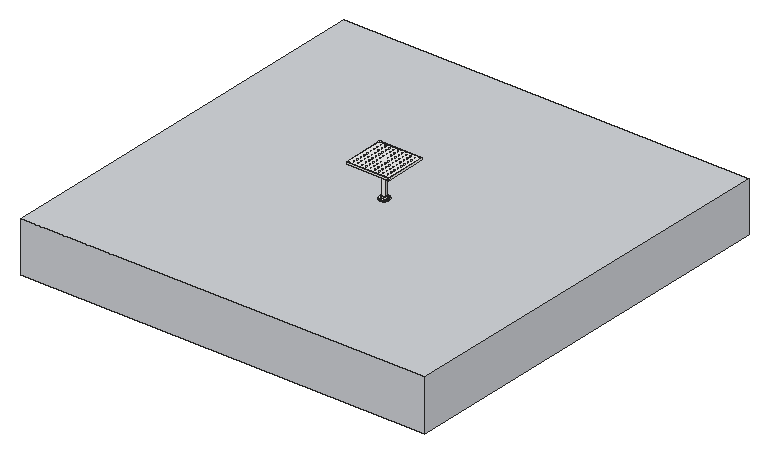
Revit family
Parameters (values of type "Metal-CP-Polished_Chrome")
  Width [instance] = 0' - 10"
  URL = "http://www.us.kohler.com"
  Showerhead Supply Pipe Radius = 0' 0 1/2"  # 1/2"
  Showerhead Supply Pipe Diameter = Showerhead Supply Pipe Radius * 2  # 1"
  Showerhead Supply = "Showerhead Supply"  # constant formula
  Product Page URL = "http://www.us.kohler.com/onlinecatalog/detail.jsp?prod_num=13696"
  Product Documentation Link = "http://www.us.kohler.com/onlinecatalog/pdf/1114436_4.pdf"
  Model = "K-13696"  # constant formula
  Manufacturer = "Kohler"  # constant formula
  Length [instance] = 0' - 8 5/16"
  Height [instance] = 0' - 10"
  Finish = Metal-Kohler-CP-Polished Chrome
  Description = "10in Contemporary square rainhead with Katalyst spray technology"  # constant formula
  Default Elevation = 0' - 0"
  Created By = "http://medialab3dstudio.com"
  Assembly Code = "C1030200"
Reference planes (in)
  plane 1 "Center (Front/Back)": y = 0
  plane 2 "Back": z = 0
  plane 3 "Center (Left/Right)": x = 0
  plane 4 "Left": x = -5
  plane 5 "Right": x = 5
  plane 6 "Top": y = 5
  plane 7 "Bottom": y = -5
  plane 8 "Front": z = 8.3125
Forms (in)
  Extrusion 1, solid
    sketch origin (0, 0, 0) x (1, 0, 0) y (0, 1, 0)
      loop
        line (-48, 48) -> (-48, -48) -> (48, -48) -> (48, 48) -> (-48, 48)
    from 0 to -12
  Extrusion 2, solid, material "Metal-Kohler-CP-Polished Chrome" <- "Finish", not visible
    sketch origin (0, 0, 0) x (1, 0, 0) y (0, 1, 0)
      loop
        circle (0, 0) r 0.5
    from 0 to 0.25922
Dimensions and locks (in)
  equal spacing: plane 4 "Left", plane 3 "Center (Left/Right)", plane 5 "Right", locked at 5 each
  "Width": plane 4 "Left" to plane 5 "Right"
  equal spacing: plane 6 "Top", plane 1 "Center (Front/Back)", plane 7 "Bottom", locked at 5 each
  "Height": plane 6 "Top" to plane 7 "Bottom"
  "Length": plane 8 "Front" to plane 2 "Back"
  "Showerhead Supply Pipe Radius": radius of Extrusion 2 sketch curve
  aligned and locked: plane 2 "Back" to Extrusion 1
  aligned and locked: level to Extrusion 1
Automatic sketch dimensions
  Extrusion 1 sketch curve to Extrusion 1 sketch curve = 8' - 0"  (x2)
  plane 1 "Center (Front/Back)" to Extrusion 2 sketch curve = 0' - 0"
  Extrusion 2 sketch curve to plane 3 "Center (Left/Right)" = 0' - 0"
Nested families (in)
  nested 1: "13696_Base" at (0, 0, 0), type "13696_Base"
Connectors (in)
  piping at (0, 0, 0), driven by "Showerhead Supply Pipe Radius", driven by "Showerhead Supply"
    settings: on Extrusion 2, index 1, connector radius 1/2", flow factor 0, pipe flow 2.5 GPM, pressure drop 0.00 psi, fitting loss kfactor 0, connector angle 0.00°, fixture units 0, flow configuration 0, flow direction 1, fitting loss method 0, system type 7, connector reference index -1, connector utility 0, adjustable connector yes, is connector primary yes, fitting loss table "", connector description "Showerhead Supply"
Definition of nested family "13696_Base"
  Parameters (values of type "13696_Base")
    Finish = Metal-Kohler-CP-Polished Chrome
    Assembly Code = ""
  Reference planes (in)
    plane 1 "Center (Top/Bottom)": y = 0
    plane 2 "Top": z = 0
    plane 3 "Center (Left/Right)": x = 0
    plane 4 "Left": x = -5
    plane 5 "Right": x = 5
    plane 6 "Front": y = 5
    plane 7 "Back": y = -5
    plane 8: y = 0
    plane 9 "Bottom": z = 8.306
  Forms (in)
    Revolve 1, solid, material "Metal-Kohler-CP-Polished Chrome" <- "Finish", detail levels fine
      sketch origin (0, 0, 5.50519) x (1, 0, 0) y (0, 0, 1)
        loop
          line (0, 0) -> (0, 2.27172) -> (-0.72114, 2.27172) -> (-0.72114, 1.68068) -> (-0.68962, 1.68068) -> (-0.68962, 1.20771) -> (-0.4459, 1.20771)
          arc (-0.4459, 1.20771) -> (-0.39583, 1.14106) -> (-0.33581, 1.08323) r 0.5226
          arc (-0.33581, 1.08323) -> (-0.31096, 1.01885) -> (-0.35341, 0.96445) r 0.06999
          arc (-0.35341, 0.96445) -> (-0.45666, 0.87969) -> (-0.49544, 0.75186) r 0.23011
          line (-0.49544, 0.75186) -> (-0.49544, 0.02386)
          arc (-0.49544, 0.02386) -> (-0.49099, 0.00726) -> (-0.47541, 0) r 0.02033
          line (-0.47541, 0) -> (0, 0)
        axis (0, 2.27172) -> (0, 0)
      angle from 0 to 360
    Sweep 2, solid, material "Metal-Kohler-CP-Polished Chrome" <- "Finish", detail levels fine
      path origin (0, 0, 0) x (1, 0, 0) y (0, 1, 0)
        loop
          line (-5, -5) -> (5, -5) -> (5, 5) -> (-5, 5) -> (-5, -5)
      profile origin (-5, 0, 0) x (-1, 0, 0) y (0, 0, 1)
        loop
          line (0, 7.77691) -> (0, 8.2199)
          arc (0, 8.2199) -> (-0.0088, 8.24113) -> (-0.03003, 8.24993) r 0.03003
          line (-0.03003, 8.24993) -> (-0.08103, 8.24993) -> (-0.08103, 7.77691) -> (0, 7.77691)
    Extrusion 3, solid, material "Metal-Kohler-CP-Polished Chrome" <- "Finish", detail levels fine
      sketch origin (0, 0, 0) x (1, 0, 0) y (0, 1, 0)
        loop
          line (-4.91897, 4.91897) -> (-4.91897, -4.91897) -> (4.91897, -4.91897) -> (4.91897, 4.91897) -> (-4.91897, 4.91897)
      from 7.77691 to 8.24993
    Extrusion 4, solid, material "Metal-Kohler-CP-Polished Chrome" <- "Finish", detail levels fine
      sketch origin (0, 0, 0) x (1, 0, 0) y (0, 1, 0)
        loop
          circle (-4, 4.00188) r 0.05856
        loop
          circle (-3, 4.00188) r 0.05856
        loop
          circle (-2, 4.00188) r 0.05856
        loop
          circle (-1, 4.00188) r 0.05856
        loop
          circle (0, 4.00188) r 0.05856
        loop
          circle (1, 4.00188) r 0.05856
        loop
          circle (2, 4.00188) r 0.05856
        loop
          circle (3, 4.00188) r 0.05856
        loop
          circle (4, 4.00188) r 0.05856
        loop
          circle (-4, 3) r 0.05856
        loop
          circle (-3, 3) r 0.05856
        loop
          circle (-2, 3) r 0.05856
        loop
          circle (-1, 3) r 0.05856
        loop
          circle (0, 3) r 0.05856
        loop
          circle (1, 3) r 0.05856
        loop
          circle (2, 3) r 0.05856
        loop
          circle (3, 3) r 0.05856
        loop
          circle (4, 3) r 0.05856
        loop
          circle (-4, 2) r 0.05856
        loop
          circle (-3, 2) r 0.05856
        loop
          circle (-2, 2) r 0.05856
        loop
          circle (-1, 2) r 0.05856
        loop
          circle (0, 2) r 0.05856
        loop
          circle (1, 2) r 0.05856
        loop
          circle (2, 2) r 0.05856
        loop
          circle (3, 2) r 0.05856
        loop
          circle (4, 2) r 0.05856
        loop
          circle (-4, 1) r 0.05856
        loop
          circle (-3, 1) r 0.05856
        loop
          circle (-2, 1) r 0.05856
        loop
          circle (-1, 1) r 0.05856
        loop
          circle (0, 1) r 0.05856
        loop
          circle (1, 1) r 0.05856
        loop
          circle (2, 1) r 0.05856
        loop
          circle (3, 1) r 0.05856
        loop
          circle (4, 1) r 0.05856
        loop
          circle (-4, 0) r 0.05856
        loop
          circle (-3, 0) r 0.05856
        loop
          circle (-2, 0) r 0.05856
        loop
          circle (-1, 0) r 0.05856
        loop
          circle (1, 0) r 0.05856
        loop
          circle (2, 0) r 0.05856
        loop
          circle (3, 0) r 0.05856
        loop
          circle (4, 0) r 0.05856
        loop
          circle (-4, -1) r 0.05856
        loop
          circle (-3, -1) r 0.05856
        loop
          circle (-2, -1) r 0.05856
        loop
          circle (-1, -1) r 0.05856
        loop
          circle (0, -1) r 0.05856
        loop
          circle (1, -1) r 0.05856
        loop
          circle (2, -1) r 0.05856
        loop
          circle (3, -1) r 0.05856
        loop
          circle (4, -1) r 0.05856
        loop
          circle (-4, -2) r 0.05856
        loop
          circle (-3, -2) r 0.05856
        loop
          circle (-2, -2) r 0.05856
        loop
          circle (-1, -2) r 0.05856
        loop
          circle (0, -2) r 0.05856
        loop
          circle (1, -2) r 0.05856
        loop
          circle (2, -2) r 0.05856
        loop
          circle (3, -2) r 0.05856
        loop
          circle (4, -2) r 0.05856
        loop
          circle (-4, -3) r 0.05856
        loop
          circle (-3, -3) r 0.05856
        loop
          circle (-2, -3) r 0.05856
        loop
          circle (-1, -3) r 0.05856
        loop
          circle (0, -3) r 0.05856
        loop
          circle (1, -3) r 0.05856
        loop
          circle (2, -3) r 0.05856
        loop
          circle (3, -3) r 0.05856
        loop
          circle (4, -3) r 0.05856
        loop
          circle (-4, -4) r 0.05856
        loop
          circle (-3, -4) r 0.05856
        loop
          circle (-2, -4) r 0.05856
        loop
          circle (-1, -4) r 0.05856
        loop
          circle (0, -4) r 0.05856
        loop
          circle (1, -4) r 0.05856
        loop
          circle (2, -4) r 0.05856
        loop
          circle (3, -4) r 0.05856
        loop
          circle (4, -4) r 0.05856
      from 8.16249 to 8.306
    Extrusion 5, solid, material "Metal-Kohler-CP-Polished Chrome" <- "Finish", detail levels coarse+medium
      sketch origin (0, 0, 2.75) x (-1, 0, 0) y (0, -1, 0)
        loop
          line (5, -5) -> (5, 5) -> (-5, 5) -> (-5, -5) -> (5, -5)
      from -2.75 to 5.556
    Revolve 6, solid, material "Metal-Kohler-CP-Polished Chrome" <- "Finish", detail levels fine
      sketch origin (0, 0, 0) x (1, 0, 0) y (0, 0, 1)
        loop
          line (-1.07002, 0) -> (0, 0) -> (0, 5.50517) -> (-0.40625, 5.50517) -> (-0.40625, 0.69061) -> (-0.5486, 0.69061)
          arc (-0.5486, 0.69061) -> (-0.5877, 0.67659) -> (-0.60898, 0.64092) r 0.06152
          line (-0.60898, 0.64092) -> (-0.61631, 0.34093)
          arc (-0.61631, 0.34093) -> (-0.63025, 0.31716) -> (-0.65074, 0.29873) r 0.09
          line (-0.65074, 0.29873) -> (-1.09561, 0.16376)
          arc (-1.09561, 0.16376) -> (-1.11148, 0.15227) -> (-1.11924, 0.13428) r 0.03694
          line (-1.11924, 0.13428) -> (-1.11683, 0.02813)
          arc (-1.11683, 0.02813) -> (-1.09805, 0.00636) -> (-1.07002, 0) r 0.04598
        axis (0, 5.50517) -> (0, 0)
      angle from 0 to 360
    Extrusion 7, void
      sketch origin (0, 0, 0) x (1, 0, 0) y (0, 1, 0)
        loop
          circle (0, 0) r 0.5
      from 0 to 0.16376
  Cuts and joins
    Extrusion 7 cuts Revolve 6
    joined: Sweep 2, Extrusion 3, Extrusion 4, Revolve 6
  Lines and regions (in)
    Masking region 1
      outline origin (0, 0, 2.75) x (-1, 0, 0) y (0, -1, 0)
        loop
          line (5, -5) -> (5, 5) -> (-5, 5) -> (-5, -5) -> (5, -5)
    Masking region 2, detail levels coarse
      outline origin (0, 0, 0) x (1, 0, 0) y (0, 0, 1)
        loop
          line (-5, 8.24982) -> (-5, 0) -> (5, 0) -> (5, 8.24982) -> (-5, 8.24982)
    Masking region 3, detail levels medium+fine
      outline origin (0, 0, 5.505) x (1, 0, 0) y (0, 0, 1)
        loop
          line (-4.99997, 2.27172) -> (-0.72114, 2.27172) -> (-0.72114, 1.68068) -> (-0.68962, 1.68068) -> (-0.68962, 1.20771) -> (-0.4459, 1.20771)
          arc (-0.4459, 1.20771) -> (-0.3957, 1.14126) -> (-0.33586, 1.08333) r 0.53922
          arc (-0.33586, 1.08333) -> (-0.31122, 1.01895) -> (-0.35357, 0.96455) r 0.07017
          arc (-0.35357, 0.96455) -> (-0.45665, 0.87963) -> (-0.49552, 0.75186) r 0.23106
          line (-0.49552, 0.75186) -> (-0.49552, 0.02386)
          arc (-0.49552, 0.02386) -> (-0.48986, 0.0083) -> (-0.47552, 0) r 0.02423
          line (-0.47552, 0) -> (-0.40625, 0) -> (-0.40625, -4.815) -> (-0.53998, -4.815)
          arc (-0.53998, -4.815) -> (-0.58443, -4.82556) -> (-0.60898, -4.86408) r 0.0608
          line (-0.60898, -4.86408) -> (-0.61631, -5.16407)
          arc (-0.61631, -5.16407) -> (-0.63034, -5.18776) -> (-0.65074, -5.20627) r 0.09237
          line (-0.65074, -5.20627) -> (-1.09561, -5.34124)
          arc (-1.09561, -5.34124) -> (-1.11198, -5.35232) -> (-1.11924, -5.37072) r 0.03343
          line (-1.11924, -5.37072) -> (-1.11683, -5.47687)
          arc (-1.11683, -5.47687) -> (-1.10045, -5.49756) -> (-1.07513, -5.505) r 0.04355
          line (-1.07513, -5.505) -> (1.07513, -5.505)
          arc (1.07513, -5.505) -> (1.10045, -5.49756) -> (1.11683, -5.47687) r 0.04355
          line (1.11683, -5.47687) -> (1.11924, -5.37072)
          arc (1.11924, -5.37072) -> (1.11198, -5.35232) -> (1.09561, -5.34124) r 0.03343
          line (1.09561, -5.34124) -> (0.65074, -5.20627)
          arc (0.65074, -5.20627) -> (0.63034, -5.18776) -> (0.61631, -5.16407) r 0.09237
          line (0.61631, -5.16407) -> (0.60898, -4.86408)
          arc (0.60898, -4.86408) -> (0.58443, -4.82556) -> (0.53998, -4.815) r 0.0608
          line (0.53998, -4.815) -> (0.40625, -4.815) -> (0.40625, 0) -> (0.47552, 0)
          arc (0.47552, 0) -> (0.48986, 0.0083) -> (0.49552, 0.02386) r 0.02423
          line (0.49552, 0.02386) -> (0.49552, 0.75186)
          arc (0.49552, 0.75186) -> (0.45665, 0.87963) -> (0.35357, 0.96455) r 0.23106
          arc (0.35357, 0.96455) -> (0.31122, 1.01895) -> (0.33586, 1.08333) r 0.07017
          arc (0.33586, 1.08333) -> (0.3957, 1.14126) -> (0.4459, 1.20771) r 0.53922
          line (0.4459, 1.20771) -> (0.68962, 1.20771) -> (0.68962, 1.68068) -> (0.72114, 1.68068) -> (0.72114, 2.27172) -> (5, 2.27172) -> (4.99997, 2.71477)
          arc (4.99997, 2.71477) -> (4.99117, 2.73602) -> (4.96992, 2.74482) r 0.03005
          line (4.96992, 2.74482) -> (-4.96986, 2.74482)
          arc (-4.96986, 2.74482) -> (-4.99115, 2.736) -> (-4.99997, 2.71471) r 0.03011
          line (-4.99997, 2.71471) -> (-4.99997, 2.27172)
    Masking region 4, detail levels medium+fine
      outline origin (0, 0, 5.5053) x (0, 1, 0) y (0, 0, 1)
        loop
          arc (0.47558, 0) -> (0.49052, 0.00776) -> (0.49557, 0.02383) r 0.02195
          line (0.49557, 0.02383) -> (0.49557, 0.75186)
          arc (0.49557, 0.75186) -> (0.45681, 0.87973) -> (0.35357, 0.96455) r 0.23029
          arc (0.35357, 0.96455) -> (0.31116, 1.01888) -> (0.33586, 1.08323) r 0.07001
          arc (0.33586, 1.08323) -> (0.3958, 1.14114) -> (0.44595, 1.20771) r 0.5314
          line (0.44595, 1.20771) -> (0.68962, 1.20771) -> (0.68962, 1.68068) -> (0.72066, 1.68068) -> (0.72066, 2.27172) -> (5, 2.27172) -> (5, 2.71471)
          arc (5, 2.71471) -> (4.99124, 2.73587) -> (4.97008, 2.74463) r 0.02992
          line (4.97008, 2.74463) -> (-4.97008, 2.74463)
          arc (-4.97008, 2.74463) -> (-4.99129, 2.73581) -> (-5, 2.71455) r 0.02992
          line (-5, 2.71455) -> (-5, 2.27172) -> (-0.7206, 2.27172) -> (-0.7206, 1.68068) -> (-0.68956, 1.68068) -> (-0.68956, 1.20771) -> (-0.4459, 1.20771)
          arc (-0.4459, 1.20771) -> (-0.39575, 1.14114) -> (-0.33581, 1.08323) r 0.5314
          arc (-0.33581, 1.08323) -> (-0.31111, 1.01888) -> (-0.35351, 0.96455) r 0.07001
          arc (-0.35351, 0.96455) -> (-0.45675, 0.87973) -> (-0.49552, 0.75186) r 0.23029
          line (-0.49552, 0.75186) -> (-0.49552, 0.02383)
          arc (-0.49552, 0.02383) -> (-0.49047, 0.00776) -> (-0.47552, 0) r 0.02195
          line (-0.47552, 0) -> (-0.40627, 0) -> (-0.40627, -4.8153) -> (-0.53998, -4.8153)
          arc (-0.53998, -4.8153) -> (-0.58438, -4.82592) -> (-0.60898, -4.86438) r 0.061
          line (-0.60898, -4.86438) -> (-0.61631, -5.16437)
          arc (-0.61631, -5.16437) -> (-0.62999, -5.18835) -> (-0.65074, -5.20657) r 0.0836
          line (-0.65074, -5.20657) -> (-1.09521, -5.34146)
          arc (-1.09521, -5.34146) -> (-1.11167, -5.35254) -> (-1.11908, -5.37094) r 0.03382
          line (-1.11908, -5.37094) -> (-1.11681, -5.47725)
          arc (-1.11681, -5.47725) -> (-1.09965, -5.49811) -> (-1.07362, -5.5053) r 0.04477
          line (-1.07362, -5.5053) -> (1.07362, -5.5053)
          arc (1.07362, -5.5053) -> (1.09965, -5.49811) -> (1.11681, -5.47725) r 0.04477
          line (1.11681, -5.47725) -> (1.11908, -5.37094)
          arc (1.11908, -5.37094) -> (1.11167, -5.35254) -> (1.09521, -5.34146) r 0.03382
          line (1.09521, -5.34146) -> (0.65074, -5.20657)
          arc (0.65074, -5.20657) -> (0.62999, -5.18835) -> (0.61631, -5.16437) r 0.0836
          line (0.61631, -5.16437) -> (0.60898, -4.86438)
          arc (0.60898, -4.86438) -> (0.58676, -4.8277) -> (0.54589, -4.8147) r 0.061
          line (0.54589, -4.8147) -> (0.40627, -4.8147) -> (0.40627, 0) -> (0.47558, 0)
    Masking region 5, detail levels coarse
      outline origin (0, 0, 0) x (0, 1, 0) y (0, 0, 1)
        loop
          line (5, 8.306) -> (-5, 8.306) -> (-5, 0) -> (5, 0) -> (5, 8.306)
    symbolic lines, style "Masking Lines", detail levels medium+fine
      curve 1: arc (1.4459, 0, 2.75) -> (0, 1.4459, 2.75) -> (-1.4459, 0, 2.75) r 1.4459
      curve 2: arc (-1.4459, 0, 2.75) -> (0, -1.4459, 2.75) -> (1.4459, 0, 2.75) r 1.4459
    symbolic lines, style "Masking Lines", detail levels fine
      curve 3: line (-0.72114, 0, 7.77691) -> (0.72114, 0, 7.77691)
      curve 4: line (-0.68962, 0, 7.18587) -> (0.68962, 0, 7.18587)
      curve 5: line (-0.4459, 0, 6.7129) -> (0.4459, 0, 6.7129)
      curve 6: line (-0.33581, 0, 6.58852) -> (0.33586, 0, 6.58852)
      curve 7: line (-0.35351, 0, 6.46974) -> (0.35357, 0, 6.46974)
      curve 8: line (-0.49544, 0, 6.25686) -> (-0.19308, 0, 6.25686)
      curve 9: line (0.19308, 0, 6.25686) -> (0.49552, 0, 6.25686)
      curve 10: line (-0.19711, 0, 6.25686) -> (-0.19711, 0, 5.67927)
      curve 11: line (-0.19308, 0, 6.25686) -> (-0.19308, 0, 5.67927)
      curve 12: line (0.19308, 0, 5.67222) -> (0.19308, 0, 6.25686)
      curve 13: line (0.19711, 0, 5.67927) -> (0.19711, 0, 6.25686)
      curve 14: spline (-0.19711, 0, 6.25686) -> (-0.1904, 0, 6.29116) -> (-0.17071, 0, 6.32312) -> (-0.13938, 0, 6.35057) -> (-0.09856, 0, 6.37163) -> (-0.05102, 0, 6.38487) -> (0, 0, 6.38939) -> (0.05102, 0, 6.38487) -> (0.09856, 0, 6.37163) -> (0.13938, 0, 6.35057) -> (0.17071, 0, 6.32312) -> (0.1904, 0, 6.29116) -> (0.19711, 0, 6.25686)
      curve 15: spline (-0.19308, 0, 6.25686) -> (-0.1865, 0, 6.28971) -> (-0.16721, 0, 6.32032) -> (-0.13653, 0, 6.3466) -> (-0.09654, 0, 6.36677) -> (-0.04997, 0, 6.37945) -> (0, 0, 6.38377) -> (0.04997, 0, 6.37945) -> (0.09654, 0, 6.36677) -> (0.13653, 0, 6.3466) -> (0.16721, 0, 6.32032) -> (0.1865, 0, 6.28971) -> (0.19308, 0, 6.25686)
      curve 16: line (0.19711, 0, 5.67927) -> (-0.19711, 0, 5.67927)
      curve 17: line (-0.17674, 0, 5.67222) -> (0.19308, 0, 5.67222)
      curve 18: arc (-0.19308, 0, 5.67927) -> (0, 0, 5.63745) -> (0.19308, 0, 5.67927) r 0.46667
      curve 19: arc (-0.19711, 0, 5.67927) -> (-0.18641, 0, 5.66728) -> (-0.17171, 0, 5.66081) r 0.03789
      curve 20: arc (0.19711, 0, 5.67927) -> (0.18641, 0, 5.66728) -> (0.17171, 0, 5.66081) r 0.03789
      curve 21: arc (-0.17171, 0, 5.66081) -> (0, 0, 5.62982) -> (0.17171, 0, 5.66081) r 0.49124
      curve 22: line (0.49544, 0, 5.52905) -> (-0.49544, 0, 5.52905)
      curve 23: line (0, 0.72066, 7.77691) -> (0, -0.7206, 7.77691)
      curve 24: line (0, 0.44595, 6.7129) -> (0, -0.4459, 6.7129)
      curve 25: line (0, 0.33586, 6.58842) -> (0, -0.33581, 6.58842)
      curve 26: line (0, 0.35357, 6.46974) -> (0, -0.35351, 6.46974)
      curve 27: line (0, 0.49557, 6.25705) -> (0, -0.49552, 6.25705)
      curve 28: line (0, 0.49557, 5.52902) -> (0, -0.49552, 5.52902)
      curve 29: line (-0.40625, 0, 5.505) -> (0.40625, 0, 5.505)
      curve 30: line (-0.60898, 0, 0.64092) -> (0.60898, 0, 0.64092)
      curve 31: line (0.61631, 0, 0.34093) -> (-0.61631, 0, 0.34093)
      curve 32: line (0.65074, 0, 0.29873) -> (-0.65074, 0, 0.29873)
      curve 33: line (1.09561, 0, 0.16376) -> (-1.09561, 0, 0.16376)
      curve 34: line (1.11924, 0, 0.13428) -> (-1.11924, 0, 0.13428)
      curve 35: line (1.11683, 0, 0.02813) -> (-1.11683, 0, 0.02813)
      curve 36: line (0, 0.40627, 5.5053) -> (0, -0.40627, 5.5053)
      curve 37: line (0, 0.60898, 0.64092) -> (0, -0.60898, 0.64092)
      curve 38: line (0, 0.61631, 0.34093) -> (0, -0.61631, 0.34093)
      curve 39: line (0, 0.65074, 0.29873) -> (0, -0.65074, 0.29873)
      curve 40: line (0, -1.09521, 0.16384) -> (0, 1.09521, 0.16384)
      curve 41: line (0, 1.11908, 0.13436) -> (0, -1.11908, 0.13436)
      curve 42: line (0, -1.11681, 0.02805) -> (0, 1.11681, 0.02805)
      curve 43: line (0, 0.68962, 7.18587) -> (0, -0.68962, 7.18587)
      curve 44: line (-0.40625, 0, 0.69061) -> (0.40625, 0, 0.69061)
      curve 45: line (0, 0.40627, 0.69059) -> (0, -0.40692, 0.69059)
      curve 46: arc (-4.05856, -4, 0) -> (-4, -4.05856, 0) -> (-3.94144, -4, 0) r 0.05856
      curve 47: arc (-3.94144, -4, 0) -> (-4, -3.94144, 0) -> (-4.05856, -4, 0) r 0.05856
      curve 48: arc (-3.05856, -4, 0) -> (-3, -4.05856, 0) -> (-2.94144, -4, 0) r 0.05856
      curve 49: arc (-2.94144, -4, 0) -> (-3, -3.94144, 0) -> (-3.05856, -4, 0) r 0.05856
      curve 50: arc (-2.05856, -4, 0) -> (-2, -4.05856, 0) -> (-1.94144, -4, 0) r 0.05856
      curve 51: arc (-1.94144, -4, 0) -> (-2, -3.94144, 0) -> (-2.05856, -4, 0) r 0.05856
      curve 52: arc (-1.05856, -4, 0) -> (-1, -4.05856, 0) -> (-0.94144, -4, 0) r 0.05856
      curve 53: arc (-0.94144, -4, 0) -> (-1, -3.94144, 0) -> (-1.05856, -4, 0) r 0.05856
      curve 54: arc (-0.05856, -4, 0) -> (0, -4.05856, 0) -> (0.05856, -4, 0) r 0.05856
      curve 55: arc (0.05856, -4, 0) -> (0, -3.94144, 0) -> (-0.05856, -4, 0) r 0.05856
      curve 56: arc (0.94144, -4, 0) -> (1, -4.05856, 0) -> (1.05856, -4, 0) r 0.05856
      curve 57: arc (1.05856, -4, 0) -> (1, -3.94144, 0) -> (0.94144, -4, 0) r 0.05856
      curve 58: arc (1.94144, -4, 0) -> (2, -4.05856, 0) -> (2.05856, -4, 0) r 0.05856
      curve 59: arc (2.05856, -4, 0) -> (2, -3.94144, 0) -> (1.94144, -4, 0) r 0.05856
      curve 60: arc (2.94144, -4, 0) -> (3, -4.05856, 0) -> (3.05856, -4, 0) r 0.05856
      curve 61: arc (3.05856, -4, 0) -> (3, -3.94144, 0) -> (2.94144, -4, 0) r 0.05856
      curve 62: arc (3.94144, -4, 0) -> (4, -4.05856, 0) -> (4.05856, -4, 0) r 0.05856
      curve 63: arc (4.05856, -4, 0) -> (4, -3.94144, 0) -> (3.94144, -4, 0) r 0.05856
      curve 64: arc (-4.05856, -3, 0) -> (-4, -3.05856, 0) -> (-3.94144, -3, 0) r 0.05856
      curve 65: arc (-3.94144, -3, 0) -> (-4, -2.94144, 0) -> (-4.05856, -3, 0) r 0.05856
      curve 66: arc (-3.05856, -3, 0) -> (-3, -3.05856, 0) -> (-2.94144, -3, 0) r 0.05856
      curve 67: arc (-2.94144, -3, 0) -> (-3, -2.94144, 0) -> (-3.05856, -3, 0) r 0.05856
      curve 68: arc (-2.05856, -3, 0) -> (-2, -3.05856, 0) -> (-1.94144, -3, 0) r 0.05856
      curve 69: arc (-1.94144, -3, 0) -> (-2, -2.94144, 0) -> (-2.05856, -3, 0) r 0.05856
      curve 70: arc (-1.05856, -3, 0) -> (-1, -3.05856, 0) -> (-0.94144, -3, 0) r 0.05856
      curve 71: arc (-0.94144, -3, 0) -> (-1, -2.94144, 0) -> (-1.05856, -3, 0) r 0.05856
      curve 72: arc (-0.05856, -3, 0) -> (0, -3.05856, 0) -> (0.05856, -3, 0) r 0.05856
      curve 73: arc (0.05856, -3, 0) -> (0, -2.94144, 0) -> (-0.05856, -3, 0) r 0.05856
      curve 74: arc (0.94144, -3, 0) -> (1, -3.05856, 0) -> (1.05856, -3, 0) r 0.05856
      curve 75: arc (1.05856, -3, 0) -> (1, -2.94144, 0) -> (0.94144, -3, 0) r 0.05856
      curve 76: arc (1.94144, -3, 0) -> (2, -3.05856, 0) -> (2.05856, -3, 0) r 0.05856
      curve 77: arc (2.05856, -3, 0) -> (2, -2.94144, 0) -> (1.94144, -3, 0) r 0.05856
      curve 78: arc (2.94144, -3, 0) -> (3, -3.05856, 0) -> (3.05856, -3, 0) r 0.05856
      curve 79: arc (3.05856, -3, 0) -> (3, -2.94144, 0) -> (2.94144, -3, 0) r 0.05856
      curve 80: arc (3.94144, -3, 0) -> (4, -3.05856, 0) -> (4.05856, -3, 0) r 0.05856
      curve 81: arc (4.05856, -3, 0) -> (4, -2.94144, 0) -> (3.94144, -3, 0) r 0.05856
      curve 82: arc (-4.05856, -2, 0) -> (-4, -2.05856, 0) -> (-3.94144, -2, 0) r 0.05856
      curve 83: arc (-3.94144, -2, 0) -> (-4, -1.94144, 0) -> (-4.05856, -2, 0) r 0.05856
      curve 84: arc (-3.05856, -2, 0) -> (-3, -2.05856, 0) -> (-2.94144, -2, 0) r 0.05856
      curve 85: arc (-2.94144, -2, 0) -> (-3, -1.94144, 0) -> (-3.05856, -2, 0) r 0.05856
      curve 86: arc (-2.05856, -2, 0) -> (-2, -2.05856, 0) -> (-1.94144, -2, 0) r 0.05856
      curve 87: arc (-1.94144, -2, 0) -> (-2, -1.94144, 0) -> (-2.05856, -2, 0) r 0.05856
      curve 88: arc (-1.05856, -2, 0) -> (-1, -2.05856, 0) -> (-0.94144, -2, 0) r 0.05856
      curve 89: arc (-0.94144, -2, 0) -> (-1, -1.94144, 0) -> (-1.05856, -2, 0) r 0.05856
      curve 90: arc (-0.05856, -2, 0) -> (0, -2.05856, 0) -> (0.05856, -2, 0) r 0.05856
      curve 91: arc (0.05856, -2, 0) -> (0, -1.94144, 0) -> (-0.05856, -2, 0) r 0.05856
      curve 92: arc (0.94144, -2, 0) -> (1, -2.05856, 0) -> (1.05856, -2, 0) r 0.05856
      curve 93: arc (1.05856, -2, 0) -> (1, -1.94144, 0) -> (0.94144, -2, 0) r 0.05856
      curve 94: arc (1.94144, -2, 0) -> (2, -2.05856, 0) -> (2.05856, -2, 0) r 0.05856
      curve 95: arc (2.05856, -2, 0) -> (2, -1.94144, 0) -> (1.94144, -2, 0) r 0.05856
      curve 96: arc (2.94144, -2, 0) -> (3, -2.05856, 0) -> (3.05856, -2, 0) r 0.05856
      curve 97: arc (3.05856, -2, 0) -> (3, -1.94144, 0) -> (2.94144, -2, 0) r 0.05856
      curve 98: arc (3.94144, -2, 0) -> (4, -2.05856, 0) -> (4.05856, -2, 0) r 0.05856
      curve 99: arc (4.05856, -2, 0) -> (4, -1.94144, 0) -> (3.94144, -2, 0) r 0.05856
      curve 100: arc (-4.05856, -1, 0) -> (-4, -1.05856, 0) -> (-3.94144, -1, 0) r 0.05856
      curve 101: arc (-3.94144, -1, 0) -> (-4, -0.94144, 0) -> (-4.05856, -1, 0) r 0.05856
      curve 102: arc (-3.05856, -1, 0) -> (-3, -1.05856, 0) -> (-2.94144, -1, 0) r 0.05856
      curve 103: arc (-2.94144, -1, 0) -> (-3, -0.94144, 0) -> (-3.05856, -1, 0) r 0.05856
      curve 104: arc (-2.05856, -1, 0) -> (-2, -1.05856, 0) -> (-1.94144, -1, 0) r 0.05856
      curve 105: arc (-1.94144, -1, 0) -> (-2, -0.94144, 0) -> (-2.05856, -1, 0) r 0.05856
      curve 106: arc (-1.05856, -1, 0) -> (-1, -1.05856, 0) -> (-0.94144, -1, 0) r 0.05856
      curve 107: arc (-0.94144, -1, 0) -> (-1, -0.94144, 0) -> (-1.05856, -1, 0) r 0.05856
      curve 108: arc (-0.05856, -1, 0) -> (0, -1.05856, 0) -> (0.05856, -1, 0) r 0.05856
      curve 109: arc (0.05856, -1, 0) -> (0, -0.94144, 0) -> (-0.05856, -1, 0) r 0.05856
      curve 110: arc (0.94144, -1, 0) -> (1, -1.05856, 0) -> (1.05856, -1, 0) r 0.05856
      curve 111: arc (1.05856, -1, 0) -> (1, -0.94144, 0) -> (0.94144, -1, 0) r 0.05856
      curve 112: arc (1.94144, -1, 0) -> (2, -1.05856, 0) -> (2.05856, -1, 0) r 0.05856
      curve 113: arc (2.05856, -1, 0) -> (2, -0.94144, 0) -> (1.94144, -1, 0) r 0.05856
      curve 114: arc (2.94144, -1, 0) -> (3, -1.05856, 0) -> (3.05856, -1, 0) r 0.05856
      curve 115: arc (3.05856, -1, 0) -> (3, -0.94144, 0) -> (2.94144, -1, 0) r 0.05856
      curve 116: arc (3.94144, -1, 0) -> (4, -1.05856, 0) -> (4.05856, -1, 0) r 0.05856
      curve 117: arc (4.05856, -1, 0) -> (4, -0.94144, 0) -> (3.94144, -1, 0) r 0.05856
      curve 118: arc (-4.05856, 0, 0) -> (-4, -0.05856, 0) -> (-3.94144, 0, 0) r 0.05856
      curve 119: arc (-3.94144, 0, 0) -> (-4, 0.05856, 0) -> (-4.05856, 0, 0) r 0.05856
      curve 120: arc (-3.05856, 0, 0) -> (-3, -0.05856, 0) -> (-2.94144, 0, 0) r 0.05856
      curve 121: arc (-2.94144, 0, 0) -> (-3, 0.05856, 0) -> (-3.05856, 0, 0) r 0.05856
      curve 122: arc (-2.05856, 0, 0) -> (-2, -0.05856, 0) -> (-1.94144, 0, 0) r 0.05856
      curve 123: arc (-1.94144, 0, 0) -> (-2, 0.05856, 0) -> (-2.05856, 0, 0) r 0.05856
      curve 124: arc (-1.05856, 0, 0) -> (-1, -0.05856, 0) -> (-0.94144, 0, 0) r 0.05856
      curve 125: arc (-0.94144, 0, 0) -> (-1, 0.05856, 0) -> (-1.05856, 0, 0) r 0.05856
      curve 126: arc (0.94144, 0, 0) -> (1, -0.05856, 0) -> (1.05856, 0, 0) r 0.05856
      curve 127: arc (1.05856, 0, 0) -> (1, 0.05856, 0) -> (0.94144, 0, 0) r 0.05856
      curve 128: arc (1.94144, 0, 0) -> (2, -0.05856, 0) -> (2.05856, 0, 0) r 0.05856
      curve 129: arc (2.05856, 0, 0) -> (2, 0.05856, 0) -> (1.94144, 0, 0) r 0.05856
      curve 130: arc (2.94144, 0, 0) -> (3, -0.05856, 0) -> (3.05856, 0, 0) r 0.05856
      curve 131: arc (3.05856, 0, 0) -> (3, 0.05856, 0) -> (2.94144, 0, 0) r 0.05856
      curve 132: arc (3.94144, 0, 0) -> (4, -0.05856, 0) -> (4.05856, 0, 0) r 0.05856
      curve 133: arc (4.05856, 0, 0) -> (4, 0.05856, 0) -> (3.94144, 0, 0) r 0.05856
      curve 134: arc (-4.05856, 1, 0) -> (-4, 0.94144, 0) -> (-3.94144, 1, 0) r 0.05856
      curve 135: arc (-3.94144, 1, 0) -> (-4, 1.05856, 0) -> (-4.05856, 1, 0) r 0.05856
      curve 136: arc (-3.05856, 1, 0) -> (-3, 0.94144, 0) -> (-2.94144, 1, 0) r 0.05856
      curve 137: arc (-2.94144, 1, 0) -> (-3, 1.05856, 0) -> (-3.05856, 1, 0) r 0.05856
      curve 138: arc (-2.05856, 1, 0) -> (-2, 0.94144, 0) -> (-1.94144, 1, 0) r 0.05856
      curve 139: arc (-1.94144, 1, 0) -> (-2, 1.05856, 0) -> (-2.05856, 1, 0) r 0.05856
      curve 140: arc (-1.05856, 1, 0) -> (-1, 0.94144, 0) -> (-0.94144, 1, 0) r 0.05856
      curve 141: arc (-0.94144, 1, 0) -> (-1, 1.05856, 0) -> (-1.05856, 1, 0) r 0.05856
      curve 142: arc (-0.05856, 1, 0) -> (0, 0.94144, 0) -> (0.05856, 1, 0) r 0.05856
      curve 143: arc (0.05856, 1, 0) -> (0, 1.05856, 0) -> (-0.05856, 1, 0) r 0.05856
      curve 144: arc (0.94144, 1, 0) -> (1, 0.94144, 0) -> (1.05856, 1, 0) r 0.05856
      curve 145: arc (1.05856, 1, 0) -> (1, 1.05856, 0) -> (0.94144, 1, 0) r 0.05856
      curve 146: arc (1.94144, 1, 0) -> (2, 0.94144, 0) -> (2.05856, 1, 0) r 0.05856
      curve 147: arc (2.05856, 1, 0) -> (2, 1.05856, 0) -> (1.94144, 1, 0) r 0.05856
      curve 148: arc (2.94144, 1, 0) -> (3, 0.94144, 0) -> (3.05856, 1, 0) r 0.05856
      curve 149: arc (3.05856, 1, 0) -> (3, 1.05856, 0) -> (2.94144, 1, 0) r 0.05856
      curve 150: arc (3.94144, 1, 0) -> (4, 0.94144, 0) -> (4.05856, 1, 0) r 0.05856
      curve 151: arc (4.05856, 1, 0) -> (4, 1.05856, 0) -> (3.94144, 1, 0) r 0.05856
      curve 152: arc (-4.05856, 2, 0) -> (-4, 1.94144, 0) -> (-3.94144, 2, 0) r 0.05856
      curve 153: arc (-3.94144, 2, 0) -> (-4, 2.05856, 0) -> (-4.05856, 2, 0) r 0.05856
      curve 154: arc (-3.05856, 2, 0) -> (-3, 1.94144, 0) -> (-2.94144, 2, 0) r 0.05856
      curve 155: arc (-2.94144, 2, 0) -> (-3, 2.05856, 0) -> (-3.05856, 2, 0) r 0.05856
      curve 156: arc (-2.05856, 2, 0) -> (-2, 1.94144, 0) -> (-1.94144, 2, 0) r 0.05856
      curve 157: arc (-1.94144, 2, 0) -> (-2, 2.05856, 0) -> (-2.05856, 2, 0) r 0.05856
      curve 158: arc (-1.05856, 2, 0) -> (-1, 1.94144, 0) -> (-0.94144, 2, 0) r 0.05856
      curve 159: arc (-0.94144, 2, 0) -> (-1, 2.05856, 0) -> (-1.05856, 2, 0) r 0.05856
      curve 160: arc (-0.05856, 2, 0) -> (0, 1.94144, 0) -> (0.05856, 2, 0) r 0.05856
      curve 161: arc (0.05856, 2, 0) -> (0, 2.05856, 0) -> (-0.05856, 2, 0) r 0.05856
      curve 162: arc (0.94144, 2, 0) -> (1, 1.94144, 0) -> (1.05856, 2, 0) r 0.05856
      curve 163: arc (1.05856, 2, 0) -> (1, 2.05856, 0) -> (0.94144, 2, 0) r 0.05856
      curve 164: arc (1.94144, 2, 0) -> (2, 1.94144, 0) -> (2.05856, 2, 0) r 0.05856
      curve 165: arc (2.05856, 2, 0) -> (2, 2.05856, 0) -> (1.94144, 2, 0) r 0.05856
      curve 166: arc (2.94144, 2, 0) -> (3, 1.94144, 0) -> (3.05856, 2, 0) r 0.05856
      curve 167: arc (3.05856, 2, 0) -> (3, 2.05856, 0) -> (2.94144, 2, 0) r 0.05856
      curve 168: arc (3.94144, 2, 0) -> (4, 1.94144, 0) -> (4.05856, 2, 0) r 0.05856
      curve 169: arc (4.05856, 2, 0) -> (4, 2.05856, 0) -> (3.94144, 2, 0) r 0.05856
      curve 170: arc (-4.05856, 3, 0) -> (-4, 2.94144, 0) -> (-3.94144, 3, 0) r 0.05856
      curve 171: arc (-3.94144, 3, 0) -> (-4, 3.05856, 0) -> (-4.05856, 3, 0) r 0.05856
      curve 172: arc (-3.05856, 3, 0) -> (-3, 2.94144, 0) -> (-2.94144, 3, 0) r 0.05856
      curve 173: arc (-2.94144, 3, 0) -> (-3, 3.05856, 0) -> (-3.05856, 3, 0) r 0.05856
      curve 174: arc (-2.05856, 3, 0) -> (-2, 2.94144, 0) -> (-1.94144, 3, 0) r 0.05856
      curve 175: arc (-1.94144, 3, 0) -> (-2, 3.05856, 0) -> (-2.05856, 3, 0) r 0.05856
      curve 176: arc (-1.05856, 3, 0) -> (-1, 2.94144, 0) -> (-0.94144, 3, 0) r 0.05856
      curve 177: arc (-0.94144, 3, 0) -> (-1, 3.05856, 0) -> (-1.05856, 3, 0) r 0.05856
      curve 178: arc (-0.05856, 3, 0) -> (0, 2.94144, 0) -> (0.05856, 3, 0) r 0.05856
      curve 179: arc (0.05856, 3, 0) -> (0, 3.05856, 0) -> (-0.05856, 3, 0) r 0.05856
      curve 180: arc (0.94144, 3, 0) -> (1, 2.94144, 0) -> (1.05856, 3, 0) r 0.05856
      curve 181: arc (1.05856, 3, 0) -> (1, 3.05856, 0) -> (0.94144, 3, 0) r 0.05856
      curve 182: arc (1.94144, 3, 0) -> (2, 2.94144, 0) -> (2.05856, 3, 0) r 0.05856
      curve 183: arc (2.05856, 3, 0) -> (2, 3.05856, 0) -> (1.94144, 3, 0) r 0.05856
      curve 184: arc (2.94144, 3, 0) -> (3, 2.94144, 0) -> (3.05856, 3, 0) r 0.05856
      curve 185: arc (3.05856, 3, 0) -> (3, 3.05856, 0) -> (2.94144, 3, 0) r 0.05856
      curve 186: arc (3.94144, 3, 0) -> (4, 2.94144, 0) -> (4.05856, 3, 0) r 0.05856
      curve 187: arc (4.05856, 3, 0) -> (4, 3.05856, 0) -> (3.94144, 3, 0) r 0.05856
      curve 188: arc (-4.05856, 4.00188, 0) -> (-4, 3.94333, 0) -> (-3.94144, 4.00188, 0) r 0.05856
      curve 189: arc (-3.94144, 4.00188, 0) -> (-4, 4.06044, 0) -> (-4.05856, 4.00188, 0) r 0.05856
      curve 190: arc (-3.05856, 4.00188, 0) -> (-3, 3.94333, 0) -> (-2.94144, 4.00188, 0) r 0.05856
      curve 191: arc (-2.94144, 4.00188, 0) -> (-3, 4.06044, 0) -> (-3.05856, 4.00188, 0) r 0.05856
      curve 192: arc (-2.05856, 4.00188, 0) -> (-2, 3.94333, 0) -> (-1.94144, 4.00188, 0) r 0.05856
      curve 193: arc (-1.94144, 4.00188, 0) -> (-2, 4.06044, 0) -> (-2.05856, 4.00188, 0) r 0.05856
      curve 194: arc (-1.05856, 4.00188, 0) -> (-1, 3.94333, 0) -> (-0.94144, 4.00188, 0) r 0.05856
      curve 195: arc (-0.94144, 4.00188, 0) -> (-1, 4.06044, 0) -> (-1.05856, 4.00188, 0) r 0.05856
      curve 196: arc (-0.05856, 4.00188, 0) -> (0, 3.94333, 0) -> (0.05856, 4.00188, 0) r 0.05856
      curve 197: arc (0.05856, 4.00188, 0) -> (0, 4.06044, 0) -> (-0.05856, 4.00188, 0) r 0.05856
      curve 198: arc (0.94144, 4.00188, 0) -> (1, 3.94333, 0) -> (1.05856, 4.00188, 0) r 0.05856
      curve 199: arc (1.05856, 4.00188, 0) -> (1, 4.06044, 0) -> (0.94144, 4.00188, 0) r 0.05856
      curve 200: arc (1.94144, 4.00188, 0) -> (2, 3.94333, 0) -> (2.05856, 4.00188, 0) r 0.05856
      curve 201: arc (2.05856, 4.00188, 0) -> (2, 4.06044, 0) -> (1.94144, 4.00188, 0) r 0.05856
      curve 202: arc (2.94144, 4.00188, 0) -> (3, 3.94333, 0) -> (3.05856, 4.00188, 0) r 0.05856
      curve 203: arc (3.05856, 4.00188, 0) -> (3, 4.06044, 0) -> (2.94144, 4.00188, 0) r 0.05856
      curve 204: arc (3.94144, 4.00188, 0) -> (4, 3.94333, 0) -> (4.05856, 4.00188, 0) r 0.05856
      curve 205: arc (4.05856, 4.00188, 0) -> (4, 4.06044, 0) -> (3.94144, 4.00188, 0) r 0.05856
  Dimensions and locks (in)
    equal spacing: plane 4 "Left", plane 3 "Center (Left/Right)", plane 5 "Right"
    equal spacing: plane 6 "Front", plane 1 "Center (Top/Bottom)", plane 7 "Back"
    plane 4 "Left" to plane 5 "Right" = 0' - 10"
    plane 6 "Front" to plane 7 "Back" = 0' - 10"
    aligned and locked: plane 2 "Top" to level
  Automatic sketch dimensions
    level to Revolve 1 sketch curve = 0' - 5.50519"  (x2)
    Revolve 1 sketch curve to plane 3 "Center (Left/Right)" = 0' - 0"  (x2)
    Revolve 1 sketch curve to plane 3 "Center (Left/Right)" = 0' - 0.00436"
    Revolve 1 sketch curve to plane 3 "Center (Left/Right)" = 0' - 0.26532"
    Revolve 1 sketch curve to plane 3 "Center (Left/Right)" = 0' - 0.33581"
    Revolve 1 sketch curve to Revolve 1 sketch curve = 0' - 0"  (x3)
    Revolve 1 sketch curve to Revolve 1 sketch curve = 0' - 0.0176"
    Revolve 1 sketch curve to Revolve 1 sketch curve = 0' - 0.02679"
    Revolve 1 sketch curve to Revolve 1 sketch curve = 0' - 0.11009"
    Revolve 1 sketch curve to Revolve 1 sketch curve = 0' - 0.23011"
    Revolve 1 sketch curve to Revolve 1 sketch curve = 0' - 0.02033"
    Revolve 1 sketch curve to Revolve 1 sketch curve = 0' - 0.728"
    Revolve 1 sketch curve to Revolve 1 sketch curve = 0' - 0.47297"
    Sweep 2 sketch curve to plane 4 "Left" = 0' - 0"
    Sweep 2 sketch curve to plane 5 "Right" = 0' - 0"
    Sweep 2 sketch curve to plane 7 "Back" = 0' - 0"
    Sweep 2 sketch curve to plane 6 "Front" = 0' - 0"
    Sweep 2 sketch curve to profile plane = 0' - 0"
    Sweep 2 sketch curve to Sweep 2 sketch curve = 0' - 0.03003"
    Sweep 2 sketch curve to Sweep 2 sketch curve = 0' - 0.08103"
    level to Sweep 2 sketch curve = 0' - 7.77691"
    Sweep 2 sketch curve to Sweep 2 sketch curve = 0' - 0.44299"
    plane 4 "Left" to Extrusion 3 sketch curve = 0' - 0.08103"
    plane 5 "Right" to Extrusion 3 sketch curve = 0' - 0.08103"
    plane 7 "Back" to Extrusion 3 sketch curve = 0' - 0.08103"
    Extrusion 3 sketch curve to plane 6 "Front" = 0' - 0.08103"
    Revolve 1 sketch curve to Revolve 1 sketch curve = 0' - 0.24372"
    Revolve 1 sketch curve to Revolve 1 sketch curve = 0' - 0.03153"
    Revolve 1 sketch curve to Revolve 1 sketch curve = 0' - 0.02002"
    plane 6 "Front" to Extrusion 5 sketch curve = 0' - 0"
    Extrusion 5 sketch curve to plane 5 "Right" = 0' - 0"
    Extrusion 5 sketch curve to plane 4 "Left" = 0' - 0"
    Extrusion 5 sketch curve to plane 7 "Back" = 0' - 0"
    Masking region 1 sketch curve to plane 5 "Right" = 0' - 0"
    Masking region 1 sketch curve to plane 4 "Left" = 0' - 0"
    plane 6 "Front" to Masking region 1 sketch curve = 0' - 0"
    Masking region 1 sketch curve to plane 7 "Back" = 0' - 0"
    plane 1 "Center (Top/Bottom)" to curve 1 = 0' - 0"
    Masking region 2 sketch curve to plane 4 "Left" = 0' - 0"
    Masking region 2 sketch curve to plane 5 "Right" = 0' - 0"
    Masking region 2 sketch curve to level = 0' - 0"
    Masking region 5 sketch curve to plane 7 "Back" = 0' - 0"
    plane 6 "Front" to Masking region 5 sketch curve = 0' - 0"
    Masking region 5 sketch curve to level = 0' - 0"
    Masking region 3 sketch curve to level = 0' - 0"
    plane 5 "Right" to Masking region 3 sketch curve = 0' - 0"
    Masking region 3 sketch curve to Masking region 3 sketch curve = 0' - 0.00003"
    plane 5 "Right" to Masking region 3 sketch curve = 0' - 0.03008"
    level to Masking region 3 sketch curve = 0' - 0.13428"  (x2)
    plane 3 "Center (Left/Right)" to Masking region 3 sketch curve = 0' - 1.11924"
    level to Masking region 3 sketch curve = 0' - 0.02813"  (x2)
    Masking region 3 sketch curve to Masking region 3 sketch curve = 0' - 0.00241"
    level to Masking region 3 sketch curve = 0' - 0.16376"
    Masking region 3 sketch curve to Masking region 3 sketch curve = 0' - 0.02363"
    Masking region 3 sketch curve to Masking region 3 sketch curve = 0' - 0.03334"  (x2)
    Masking region 3 sketch curve to Masking region 3 sketch curve = 0' - 0.04073"  (x2)
    Masking region 3 sketch curve to Masking region 3 sketch curve = 0' - 0.00097"  (x2)
    plane 3 "Center (Left/Right)" to Masking region 3 sketch curve = 0' - 0.72114"
    Masking region 3 sketch curve to Masking region 3 sketch curve = 0' - 0.39369"
    Masking region 3 sketch curve to Masking region 3 sketch curve = 0' - 0.03153"  (x2)
    level to Masking region 3 sketch curve = 0' - 0.29873"  (x2)
    Masking region 3 sketch curve to Masking region 3 sketch curve = 0' - 0.05118"  (x2)
    level to Masking region 3 sketch curve = 0' - 0.34093"
    Masking region 3 sketch curve to Masking region 3 sketch curve = 0' - 0.03443"  (x2)
    Masking region 3 sketch curve to Masking region 3 sketch curve = 0' - 0.09294"
    Masking region 3 sketch curve to Masking region 3 sketch curve = 0' - 0.05979"  (x2)
    Masking region 3 sketch curve to Masking region 3 sketch curve = 0' - 0.0092"  (x2)
    plane 3 "Center (Left/Right)" to Masking region 3 sketch curve = 0' - 0.49552"
    Masking region 3 sketch curve to Masking region 3 sketch curve = 0' - 0.01999"
    Masking region 3 sketch curve to Masking region 3 sketch curve = 0' - 0.02423"  (x2)
    Masking region 3 sketch curve to Masking region 3 sketch curve = 0' - 0.24372"  (x2)
    Masking region 3 sketch curve to Masking region 3 sketch curve = 0' - 0.06503"  (x2)
    Masking region 3 sketch curve to Masking region 3 sketch curve = 0' - 0.06527"
    Masking region 3 sketch curve to Masking region 3 sketch curve = 0' - 0.02706"  (x2)
    Masking region 3 sketch curve to Masking region 3 sketch curve = 0' - 0"  (x7)
    Masking region 3 sketch curve to Masking region 3 sketch curve = 0' - 0.04477"
    Masking region 3 sketch curve to Masking region 3 sketch curve = 0' - 0.08911"
    plane 3 "Center (Left/Right)" to Masking region 3 sketch curve = 0' - 0.00815"
    Masking region 3 sketch curve to plane 3 "Center (Left/Right)" = 0' - 0.00815"
    Masking region 3 sketch curve to plane 3 "Center (Left/Right)" = 0' - 0.26446"
    Masking region 3 sketch curve to plane 3 "Center (Left/Right)" = 0' - 0.33586"
    Masking region 3 sketch curve to Masking region 3 sketch curve = 0' - 0.01771"
    Masking region 3 sketch curve to plane 3 "Center (Left/Right)" = 0' - 0 13/32"
    Masking region 3 sketch curve to Masking region 3 sketch curve = 0' - 0.11004"
    Masking region 3 sketch curve to Masking region 3 sketch curve = 0' - 0.00424"
    Masking region 3 sketch curve to Masking region 3 sketch curve = 0' - 0.13373"
    Masking region 3 sketch curve to Masking region 3 sketch curve = 0' - 0.06712"
    Masking region 3 sketch curve to Masking region 3 sketch curve = 0' - 0.42439"
    Masking region 3 sketch curve to Masking region 3 sketch curve = 0' - 0.0098"
    Masking region 3 sketch curve to Masking region 3 sketch curve = 0' - 0.00971"
    plane 4 "Left" to Masking region 3 sketch curve = 0' - 0.03014"
    plane 4 "Left" to Masking region 3 sketch curve = 0' - 0.00003"
    Masking region 3 sketch curve to Masking region 3 sketch curve = 0' - 0.00252"
    Masking region 3 sketch curve to Masking region 3 sketch curve = 0' - 0.0422"
    Masking region 3 sketch curve to Masking region 3 sketch curve = 0' - 0.25427"  (x2)
    Masking region 3 sketch curve to Masking region 3 sketch curve = 0' - 0.01102"  (x2)
    Masking region 3 sketch curve to Masking region 3 sketch curve = 0' - 0.72751"
    Masking region 3 sketch curve to Masking region 3 sketch curve = 0' - 0.00049"  (x2)
    Masking region 3 sketch curve to Masking region 3 sketch curve = 0' - 0.47297"  (x2)
    Masking region 3 sketch curve to Masking region 3 sketch curve = 0' - 0.59105"  (x2)
    Masking region 3 sketch curve to Masking region 3 sketch curve = 0' - 0.44299"
    Revolve 1 sketch curve to Revolve 1 sketch curve = 0' - 0.78444"
    level to Masking region 2 sketch curve = 0' - 8.24982"
    Masking region 3 sketch curve to Masking region 3 sketch curve = 0' - 4.815"
    level to Masking region 5 sketch curve = 0' - 8.306"
    curve 2 to plane 3 "Center (Left/Right)" = 0' - 0"
    Revolve 6 sketch curve to level = 0' - 0"
    Revolve 6 sketch curve to plane 3 "Center (Left/Right)" = 0' - 0"  (x2)
    Revolve 6 sketch curve to plane 3 "Center (Left/Right)" = 0' - 0 13/32"
    Revolve 6 sketch curve to Revolve 6 sketch curve = 0' - 0.14235"
    Revolve 6 sketch curve to Revolve 6 sketch curve = 0' - 0.06037"
    Revolve 6 sketch curve to Revolve 6 sketch curve = 0' - 0.0677"
    Revolve 6 sketch curve to Revolve 6 sketch curve = 0' - 0.03443"
    Revolve 6 sketch curve to Revolve 6 sketch curve = 0' - 0.04925"
    Revolve 6 sketch curve to Revolve 6 sketch curve = 0' - 0.41928"
    Revolve 6 sketch curve to Revolve 6 sketch curve = 0' - 0.00435"
    Revolve 6 sketch curve to Revolve 6 sketch curve = 0' - 0.00829"
    Revolve 6 sketch curve to Revolve 6 sketch curve = 0' - 0.01295"
    level to Revolve 6 sketch curve = 0' - 0.02813"
    Revolve 6 sketch curve to Revolve 6 sketch curve = 0' - 0.04246"
    level to Revolve 6 sketch curve = 0' - 0.13428"
    Revolve 6 sketch curve to Revolve 6 sketch curve = 0' - 0.03658"
    Revolve 6 sketch curve to Revolve 6 sketch curve = 2' - 0"
    Revolve 6 sketch curve to Revolve 6 sketch curve = 0' - 0.00512"
    level to Revolve 6 sketch curve = 0' - 0.29873"
    Revolve 6 sketch curve to Revolve 6 sketch curve = 0' - 0.0422"
    Revolve 6 sketch curve to Revolve 6 sketch curve = 0' - 0.28815"
    Revolve 6 sketch curve to Revolve 6 sketch curve = 0' - 0.01183"
    plane 9 "Bottom" to Revolve 6 sketch curve = 0' - 2.80084"
    Revolve 6 sketch curve to plane 9 "Bottom" = 7' - 10.41282"
    curve 14 to plane 3 "Center (Left/Right)" = 0' - 0"
    curve 21 to plane 3 "Center (Left/Right)" = 0' - 0"
    curve 18 to plane 3 "Center (Left/Right)" = 0' - 0"
    curve 15 to plane 3 "Center (Left/Right)" = 0' - 0"
    curve 19 to plane 3 "Center (Left/Right)" = 0' - 0.16414"
    curve 19 to curve 19 = 0' - 0.00757"
    curve 17 to curve 21 = 0' - 0.00503"
    curve 18 to curve 17 = 0' - 0.01633"
    curve 19 to curve 18 = 0' - 0.00404"
    curve 14 to curve 10 = 0' - 0"
    curve 6 to plane 3 "Center (Left/Right)" = 0' - 0.33581"
    curve 7 to curve 6 = 0' - 0.01771"
    curve 29 to curve 19 = 0' - 0.20914"
    curve 44 to plane 3 "Center (Left/Right)" = 0' - 0 13/32"
    curve 5 to curve 6 = 0' - 0.11009"
    curve 22 to curve 29 = 0' - 0.08919"
    curve 8 to curve 7 = 0' - 0.14192"
    curve 30 to curve 44 = 0' - 0.20273"
    curve 31 to curve 30 = 0' - 0.00733"
    curve 32 to curve 31 = 0' - 0.03443"
    curve 4 to curve 5 = 0' - 0.24372"
    curve 3 to curve 4 = 0' - 0.03153"
    level to curve 33 = 0' - 0.16376"
    curve 33 to curve 32 = 0' - 0.44487"
    level to curve 35 = 0' - 0.02813"
    curve 35 to curve 33 = 0' - 0.02123"
    curve 34 to curve 33 = 0' - 0.02363"
    curve 20 to curve 13 = 0' - 0.03297"
    curve 21 to curve 12 = 0' - 0.02137"
    curve 18 to curve 13 = 0' - 0.00404"
    plane 3 "Center (Left/Right)" to curve 6 = 0' - 0.33586"
    curve 6 to curve 7 = 0' - 0.01771"
    curve 12 to curve 29 = 0' - 0.21317"
    plane 3 "Center (Left/Right)" to curve 44 = 0' - 0 13/32"
    curve 6 to curve 5 = 0' - 0.11004"
    curve 29 to curve 22 = 0' - 0.08919"
    curve 7 to curve 9 = 0' - 0.14195"
    curve 44 to curve 30 = 0' - 0.20273"
    curve 30 to curve 31 = 0' - 0.00733"
    curve 31 to curve 32 = 0' - 0.03443"
    curve 5 to curve 4 = 0' - 0.24372"
    curve 4 to curve 3 = 0' - 0.03153"
    curve 32 to curve 33 = 0' - 0.44487"
    curve 33 to curve 35 = 0' - 0.02123"
    curve 33 to curve 34 = 0' - 0.02363"
    curve 34 to curve 33 = 0' - 0.02948"
    level to curve 32 = 0' - 0.29873"
    curve 32 to curve 31 = 0' - 0.0422"
    curve 31 to curve 30 = 0' - 0.29999"
    curve 30 to curve 44 = 0' - 0.04969"
    plane 9 "Bottom" to curve 29 = 0' - 2.801"
    curve 29 to curve 22 = 0' - 0.02405"
    curve 29 to curve 19 = 0' - 0.15581"
    curve 20 to curve 12 = 0' - 0.01141"
    curve 12 to curve 13 = 0' - 0.00705"
    curve 18 to curve 21 = 0' - 0.01694"
    curve 21 to curve 15 = 0' - 0.13579"
    curve 8 to curve 7 = 0' - 0.21289"
    curve 7 to curve 6 = 0' - 0.11878"
    curve 6 to curve 5 = 0' - 0.12438"
    curve 5 to curve 4 = 0' - 0.47297"
    plane 9 "Bottom" to curve 3 = 0' - 0.52909"
    Masking region 4 sketch curve to plane 7 "Back" = 0' - 0"
    Masking region 4 sketch curve to level = 0' - 0"
    Masking region 4 sketch curve to plane 6 "Front" = 0' - 0"
    plane 7 "Back" to Masking region 4 sketch curve = 0' - 0.02992"
    level to Masking region 4 sketch curve = 0' - 0.13436"  (x2)
    plane 1 "Center (Top/Bottom)" to Masking region 4 sketch curve = 0' - 1.11908"
    level to Masking region 4 sketch curve = 0' - 0.02805"  (x2)
    Masking region 4 sketch curve to Masking region 4 sketch curve = 0' - 0.00227"
    level to Masking region 4 sketch curve = 0' - 0.16384"  (x2)
    Masking region 4 sketch curve to Masking region 4 sketch curve = 0' - 0.02387"
    Masking region 4 sketch curve to Masking region 4 sketch curve = 0' - 0.00982"  (x2)
    Masking region 4 sketch curve to Masking region 4 sketch curve = 0' - 0.04154"  (x2)
    Masking region 4 sketch curve to Masking region 4 sketch curve = 0' - 0.00165"  (x2)
    plane 1 "Center (Top/Bottom)" to Masking region 4 sketch curve = 0' - 0.7206"
    Masking region 4 sketch curve to Masking region 4 sketch curve = 0' - 0.40045"
    Masking region 4 sketch curve to Masking region 4 sketch curve = 0' - 0.03104"  (x2)
    level to Masking region 4 sketch curve = 0' - 0.29873"
    Masking region 4 sketch curve to Masking region 4 sketch curve = 0' - 0.04403"  (x2)
    level to Masking region 4 sketch curve = 0' - 0.34093"  (x2)
    Masking region 4 sketch curve to Masking region 4 sketch curve = 0' - 0.03443"  (x2)
    Masking region 4 sketch curve to Masking region 4 sketch curve = 0' - 0.08579"
    Masking region 4 sketch curve to Masking region 4 sketch curve = 0' - 0.05995"  (x2)
    Masking region 4 sketch curve to Masking region 4 sketch curve = 0' - 0.00904"
    plane 1 "Center (Top/Bottom)" to Masking region 4 sketch curve = 0' - 0.49552"
    Masking region 4 sketch curve to Masking region 4 sketch curve = 0' - 0.01999"
    Masking region 4 sketch curve to Masking region 4 sketch curve = 0' - 0.00187"  (x2)
    Masking region 4 sketch curve to Masking region 4 sketch curve = 0' - 0.24367"  (x2)
    Masking region 4 sketch curve to Masking region 4 sketch curve = 0' - 0.06925"
    Masking region 4 sketch curve to Masking region 4 sketch curve = 0' - 0.06554"
    Masking region 4 sketch curve to Masking region 4 sketch curve = 0' - 0.02684"  (x2)
    Masking region 4 sketch curve to Masking region 4 sketch curve = 0' - 0"  (x5)
    Masking region 4 sketch curve to Masking region 4 sketch curve = 0' - 0.04455"
    Masking region 4 sketch curve to Masking region 4 sketch curve = 0' - 0.08829"
    plane 1 "Center (Top/Bottom)" to Masking region 4 sketch curve = 0' - 0.00226"
    Masking region 4 sketch curve to plane 1 "Center (Top/Bottom)" = 0' - 0.00231"
    Masking region 4 sketch curve to plane 1 "Center (Top/Bottom)" = 0' - 0.26528"
    Masking region 4 sketch curve to plane 1 "Center (Top/Bottom)" = 0' - 0.33586"
    Masking region 4 sketch curve to Masking region 4 sketch curve = 0' - 0.01771"
    Masking region 4 sketch curve to plane 1 "Center (Top/Bottom)" = 0' - 0 13/32"
    Masking region 4 sketch curve to Masking region 4 sketch curve = 0' - 0.11009"
    Masking region 4 sketch curve to Masking region 4 sketch curve = 0' - 0.06743"
    Masking region 4 sketch curve to Masking region 4 sketch curve = 0' - 0.23029"
    Masking region 4 sketch curve to Masking region 4 sketch curve = 0' - 0.13962"
    Masking region 4 sketch curve to Masking region 4 sketch curve = 0' - 0.00313"
    Masking region 4 sketch curve to Masking region 4 sketch curve = 0' - 0.06728"
    Masking region 4 sketch curve to Masking region 4 sketch curve = 0' - 0.42288"
    Masking region 4 sketch curve to Masking region 4 sketch curve = 0' - 0.01012"
    Masking region 4 sketch curve to Masking region 4 sketch curve = 0' - 0.03369"
    Masking region 4 sketch curve to Masking region 4 sketch curve = 0' - 0.02992"
    Masking region 4 sketch curve to Masking region 4 sketch curve = 0' - 0.0422"
    Masking region 4 sketch curve to Masking region 4 sketch curve = 0' - 0.28874"  (x2)
    Masking region 4 sketch curve to Masking region 4 sketch curve = 0' - 0.01124"  (x2)
    plane 9 "Bottom" to Masking region 4 sketch curve = 0' - 2.8007"
    Masking region 4 sketch curve to Masking region 4 sketch curve = 0' - 0.02187"  (x2)
    Masking region 4 sketch curve to Masking region 4 sketch curve = 0' - 0.72803"  (x2)
    Masking region 4 sketch curve to Masking region 4 sketch curve = 0' - 0.47297"  (x2)
    plane 9 "Bottom" to Masking region 4 sketch curve = 0' - 0.52898"  (x2)
    plane 9 "Bottom" to Masking region 4 sketch curve = 0' - 0.08616"
    Masking region 4 sketch curve to Masking region 4 sketch curve = 0' - 0.00016"
    level to curve 41 = 0' - 0.13436"
    plane 1 "Center (Top/Bottom)" to curve 41 = 0' - 1.11908"
    level to curve 42 = 0' - 0.02805"
    curve 41 to curve 42 = 0' - 0.00227"
    curve 41 to curve 40 = 0' - 0.02387"
    plane 1 "Center (Top/Bottom)" to curve 23 = 0' - 0.7206"
    curve 23 to curve 43 = 0' - 0.03099"
    curve 40 to curve 39 = 0' - 0.44447"
    curve 39 to curve 38 = 0' - 0.03443"
    curve 38 to curve 37 = 0' - 0.00733"
    plane 1 "Center (Top/Bottom)" to curve 27 = 0' - 0.49552"
    plane 1 "Center (Top/Bottom)" to curve 28 = 0' - 0.49552"
    plane 1 "Center (Top/Bottom)" to curve 24 = 0' - 0.4459"
    curve 37 to curve 45 = 0' - 0.20206"
    curve 28 to curve 36 = 0' - 0.08925"
    curve 27 to curve 26 = 0' - 0.142"
    curve 26 to curve 25 = 0' - 0.01771"
    curve 25 to plane 1 "Center (Top/Bottom)" = 0' - 0.33586"
    curve 25 to curve 26 = 0' - 0.01771"
    curve 45 to plane 1 "Center (Top/Bottom)" = 0' - 0 13/32"
    curve 36 to plane 1 "Center (Top/Bottom)" = 0' - 0 13/32"
    curve 25 to curve 24 = 0' - 0.11009"
    curve 26 to curve 27 = 0' - 0.142"
    curve 36 to curve 28 = 0' - 0.0893"
    curve 45 to curve 37 = 0' - 0.20271"
    curve 37 to curve 38 = 0' - 0.00733"
    curve 38 to curve 39 = 0' - 0.03443"
    curve 24 to curve 43 = 0' - 0.24367"
    curve 43 to curve 23 = 0' - 0.03104"
    level to curve 40 = 0' - 0.16384"
    curve 39 to curve 40 = 0' - 0.44447"
    curve 40 to curve 42 = 0' - 0.0216"
    curve 40 to curve 41 = 0' - 0.02387"
    level to curve 39 = 0' - 0.29873"
    curve 39 to curve 38 = 0' - 0.0422"
    curve 38 to curve 37 = 0' - 0.29999"
    curve 37 to curve 45 = 0' - 0.04968"
    plane 9 "Bottom" to curve 36 = 0' - 2.8007"
    curve 36 to curve 28 = 0' - 0.02372"
    curve 28 to curve 27 = 0' - 0.72803"
    curve 27 to curve 26 = 0' - 0.21269"
    curve 26 to curve 25 = 0' - 0.11867"
    curve 25 to curve 24 = 0' - 0.12448"
    curve 24 to curve 43 = 0' - 0.47297"
    plane 9 "Bottom" to curve 23 = 0' - 0.52909"
    plane 1 "Center (Top/Bottom)" to Extrusion 7 sketch curve = 0' - 0"
    Extrusion 7 sketch curve to plane 3 "Center (Left/Right)" = 0' - 0"
    plane 1 "Center (Top/Bottom)" to Extrusion 4 sketch curve = 0' - 0"  (x8)
    Extrusion 4 sketch curve to plane 3 "Center (Left/Right)" = 0' - 0"  (x8)
    Extrusion 4 sketch curve to Extrusion 4 sketch curve = 0' - 1"  (x68)
    Extrusion 4 sketch curve to Extrusion 4 sketch curve = 0' - 0"  (x51)
    plane 4 "Left" to Extrusion 4 sketch curve = 0' - 1"  (x6)
    plane 3 "Center (Left/Right)" to Extrusion 4 sketch curve = 0' - 1"  (x8)
